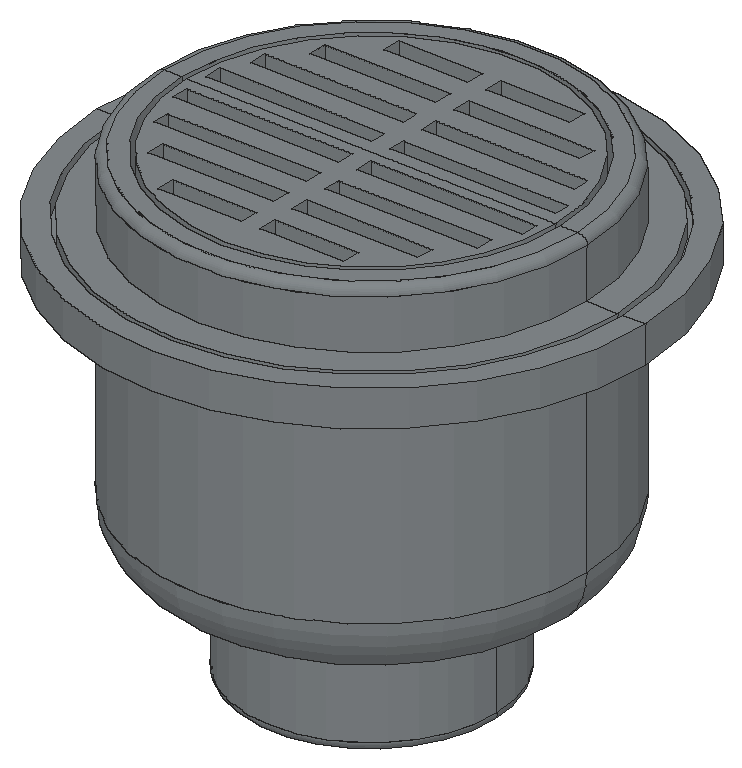
Revit family "2242", category Plumbing Fixtures, Revit 2021
Family settings
  Round Connector Dimension = Use Diameter
  Part Type = Normal
  OmniClass Number = 23.70.50.21.24
  OmniClass Title = Waste Water Drains
  Work Plane-Based = Yes
  Always vertical = No
  Cut with Voids When Loaded = No
  Shared = Yes
  Room Calculation Point = No
Parameters (values of type "2242T06")
  Waste Connection = yes
  Warranty Documentation Link = "https://www.jrsmith.com/uploads/docs/PG1A-Terms-and-Conditions.pdf"
  Vent Connection = no
  URL = "http://www.jrsmith.com"
  U - Vandal Proof Grate = no
  Type Comments = ""
  Trap Primer Connection -P050   1/2" (13) & -P075 3/4" (19) = no
  S - Square Top = no
  Quad Close Trap Seal = no
  Product Page URL = "https://www.jrsmith.com/product.aspx?ProductId=175"
  Product Documentation Link = "https://www.jrsmith.com/uploads/fileLibrary/d2240.pdf"
  PB - Polished Bronze Top = no
  Overall Height = 13"
  Outlet Radius = Outlet Diameter / 2  # 3"
  Outlet Diameter = 6"
  NB - Nickel Bronze Top = no
  Model = "2240"  # constant formula
  Manufacturer = "Jay R. Smith"  # constant formula
  LXH - Speedi-Set Extra Heavy - 02"(50), 03"(75) & 04"(100) sizes only = no
  L - Speedi-Set Service Weight - 02"(50), 03"(75) & 04"(100) sizes only = no
  Installation Type = "Floor Mounted"  # constant formula
  HW Connection = no
  G - Galvanized Cast Iron = no
  Drain Material = Metal-JayR.Smith-Cast_Iron-Duco_Coated
  Diameter = 15 1/4"
  Description = "Deep Body Medium Duty Floor Drains with 12in. Round Tops and Sediment Bucket"  # constant formula
  Default Elevation = 0"
  Creation Date = "03/16/2021"  # constant formula
  Connection Type = "Threaded Outlet Connection"
  CW Connection = no
  Assembly Code = "D2030300"
Types (16): name | Outlet Radius | Outlet Diameter | Connection Type
  (no name) | 3" | 6" | "Threaded Outlet Connection"
  2242C02 | 1" | 2" | "Caulk Outlet Connection"
  2242C03 | 1 1/2" | 3" | "Caulk Outlet Connection"
  2242C04 | 2" | 4" | "Caulk Outlet Connection"
  2242C05 | 2 1/2" | 5" | "Caulk Outlet Connection"
  2242C06 | 3" | 6" | "Caulk Outlet Connection"
  2242T02 | 1" | 2" | "Threaded Outlet Connection"
  2242T03 | 1 1/2" | 3" | "Threaded Outlet Connection"
  2242T04 | 2" | 4" | "Threaded Outlet Connection"
  2242T05 | 2 1/2" | 5" | "Threaded Outlet Connection"
  2242T06 | 3" | 6" | "Threaded Outlet Connection"
  2242Y02 | 1" | 2" | "No-HUB Outlet Connection"
  2242Y03 | 1 1/2" | 3" | "No-HUB Outlet Connection"
  2242Y04 | 2" | 4" | "No-HUB Outlet Connection"
  2242Y05 | 2 1/2" | 5" | "No-HUB Outlet Connection"
  2242Y06 | 3" | 6" | "No-HUB Outlet Connection"
Reference planes (in)
  plane 1 "Center (Front/Back)": y = 0
  plane 2: z = 0
  plane 3 "Center (Left/Right)": x = 0
  plane 4: x = 6
  plane 5: x = -6
  plane 6: x = -7.625
  plane 7: x = 7.625
  plane 8: z = -13
  plane 9: z = 0
  plane 10: z = -10.5
  plane 11: z = -2
Forms (in)
  Revolve 1, solid, material "Metal-JayR.Smith-Cast_Iron-Duco_Coated" <- "Drain Material"
    sketch origin (0, 0, -2) x (1, 0, 0) y (0, 0, 1)
      loop
        line (0, -8.5) -> (0, 2) -> (-5.75, 2)
        arc (-5.75, 2) -> (-5.92678, 1.92678) -> (-6, 1.75) r 0.25
        line (-6, 1.75) -> (-6, 0.3757) -> (-7.625, 0.3757) -> (-7.625, -0.6243) -> (-6, -0.92772) -> (-6, -6.38732)
        arc (-6, -6.38732) -> (-5.48744, -7.62476) -> (-4.25, -8.13732) r 1.75
        line (-4.25, -8.13732) -> (-3.92518, -8.13732)
        arc (-3.92518, -8.13732) -> (-3.81895, -8.39377) -> (-3.5625, -8.5) r 0.36268
        line (-3.5625, -8.5) -> (0, -8.5)
      axis (0, 2) -> (0, -8.5)
    angle from 0 to 360
  Extrusion 2, void
    sketch origin (0, 0, -2) x (1, 0, 0) y (0, 1, 0)
      loop
        line (3.75, -2.55894) -> (0.25, -2.55894) -> (0.25, -3.05894) -> (3.75, -3.05894) -> (3.75, -2.55894)
      loop
        line (4.5, -1.44171) -> (0.25, -1.44171) -> (0.25, -1.94171) -> (4.5, -1.94171) -> (4.5, -1.44171)
      loop
        line (4.86375, -0.32448) -> (0.25, -0.32448) -> (0.25, -0.82448) -> (4.86375, -0.82448) -> (4.86375, -0.32448)
      loop
        circle (0, 0) r 5.125
      loop
        line (3.75, 2.55894) -> (3.75, 3.05894) -> (0.25, 3.05894) -> (0.25, 2.55894) -> (3.75, 2.55894)
      loop
        line (4.5, 1.44171) -> (4.5, 1.94171) -> (0.25, 1.94171) -> (0.25, 1.44171) -> (4.5, 1.44171)
      loop
        line (4.86375, 0.32448) -> (4.86375, 0.82448) -> (0.25, 0.82448) -> (0.25, 0.32448) -> (4.86375, 0.32448)
      loop
        line (2.58469, 3.67617) -> (2.58469, 4.17617) -> (0.25, 4.17617) -> (0.25, 3.67617) -> (2.58469, 3.67617)
      loop
        line (2.58469, -3.67617) -> (0.25, -3.67617) -> (0.25, -4.17617) -> (2.58469, -4.17617) -> (2.58469, -3.67617)
      loop
        line (-3.75, -2.55894) -> (-3.75, -3.05894) -> (-0.25, -3.05894) -> (-0.25, -2.55894) -> (-3.75, -2.55894)
      loop
        line (-4.5, -1.44171) -> (-4.5, -1.94171) -> (-0.25, -1.94171) -> (-0.25, -1.44171) -> (-4.5, -1.44171)
      loop
        line (-4.86375, -0.32448) -> (-4.86375, -0.82448) -> (-0.25, -0.82448) -> (-0.25, -0.32448) -> (-4.86375, -0.32448)
      loop
        line (-3.75, 2.55894) -> (-0.25, 2.55894) -> (-0.25, 3.05894) -> (-3.75, 3.05894) -> (-3.75, 2.55894)
      loop
        line (-4.5, 1.44171) -> (-0.25, 1.44171) -> (-0.25, 1.94171) -> (-4.5, 1.94171) -> (-4.5, 1.44171)
      loop
        line (-4.86375, 0.32448) -> (-0.25, 0.32448) -> (-0.25, 0.82448) -> (-4.86375, 0.82448) -> (-4.86375, 0.32448)
      loop
        line (-2.58469, 3.67617) -> (-0.25, 3.67617) -> (-0.25, 4.17617) -> (-2.58469, 4.17617) -> (-2.58469, 3.67617)
      loop
        line (-2.58469, -3.67617) -> (-2.58469, -4.17617) -> (-0.25, -4.17617) -> (-0.25, -3.67617) -> (-2.58469, -3.67617)
      loop
        circle (0, 0) r 5.26921
      loop
        circle (0, 0) r 7
      loop
        circle (0, 0) r 6.86276
    from 0 to 2
  Revolve 3, solid, material "Metal-JayR.Smith-Cast_Iron-Duco_Coated" <- "Drain Material"
    sketch origin (0, 0, -2) x (1, 0, 0) y (0, 0, 1)
      loop
        line (3.5, -10.75) -> (3.5, 0) -> (3, 0) -> (3, -11) -> (3.25, -11)
        arc (3.25, -11) -> (3.42678, -10.92678) -> (3.5, -10.75) r 0.25
      axis (0, 0) -> (0, -11)
    angle from 0 to 360
Cuts and joins
  Extrusion 2 cuts Revolve 1
  Extrusion 2 cuts Revolve 3
Lines and regions (in)
  Masking region 1
    outline origin (0, 0, 0) x (1, 0, 0) y (0, 1, 0)
      loop
        circle (0, 0) r 7.625
  symbolic lines, detail levels medium+fine
    curve 1: line (-2.58469, 4.17617, 0) -> (-0.25, 4.17617, 0)
    curve 2: line (-0.25, 4.17617, 0) -> (-0.25, 3.67617, 0)
    curve 3: line (-0.25, 3.67617, 0) -> (-2.58469, 3.67617, 0)
    curve 4: line (-2.58469, 3.67617, 0) -> (-2.58469, 4.17617, 0)
    curve 5: line (-3.75, 3.05894, 0) -> (-0.25, 3.05894, 0)
    curve 6: line (-0.25, 3.05894, 0) -> (-0.25, 2.55894, 0)
    curve 7: line (-0.25, 2.55894, 0) -> (-3.75, 2.55894, 0)
    curve 8: line (-3.75, 2.55894, 0) -> (-3.75, 3.05894, 0)
    curve 9: line (-4.5, 1.94171, 0) -> (-0.25, 1.94171, 0)
    curve 10: line (-0.25, 1.94171, 0) -> (-0.25, 1.44171, 0)
    curve 11: line (-0.25, 1.44171, 0) -> (-4.5, 1.44171, 0)
    curve 12: line (-4.5, 1.44171, 0) -> (-4.5, 1.94171, 0)
    curve 13: line (-4.86375, 0.82448, 0) -> (-0.25, 0.82448, 0)
    curve 14: line (-0.25, 0.82448, 0) -> (-0.25, 0.32448, 0)
    curve 15: line (-0.25, 0.32448, 0) -> (-4.86375, 0.32448, 0)
    curve 16: line (-4.86375, 0.32448, 0) -> (-4.86375, 0.82448, 0)
    curve 17: line (-4.86375, -0.32448, 0) -> (-0.25, -0.32448, 0)
    curve 18: line (-0.25, -0.32448, 0) -> (-0.25, -0.82448, 0)
    curve 19: line (-0.25, -0.82448, 0) -> (-4.86375, -0.82448, 0)
    curve 20: line (-4.86375, -0.82448, 0) -> (-4.86375, -0.32448, 0)
    curve 21: line (-4.5, -1.44171, 0) -> (-0.25, -1.44171, 0)
    curve 22: line (-0.25, -1.44171, 0) -> (-0.25, -1.94171, 0)
    curve 23: line (-0.25, -1.94171, 0) -> (-4.5, -1.94171, 0)
    curve 24: line (-4.5, -1.94171, 0) -> (-4.5, -1.44171, 0)
    curve 25: line (-3.75, -2.55894, 0) -> (-0.25, -2.55894, 0)
    curve 26: line (-0.25, -2.55894, 0) -> (-0.25, -3.05894, 0)
    curve 27: line (-0.25, -3.05894, 0) -> (-3.75, -3.05894, 0)
    curve 28: line (-3.75, -3.05894, 0) -> (-3.75, -2.55894, 0)
    curve 29: line (-2.58469, -3.67617, 0) -> (-0.25, -3.67617, 0)
    curve 30: line (-0.25, -3.67617, 0) -> (-0.25, -4.17617, 0)
    curve 31: line (-0.25, -4.17617, 0) -> (-2.58469, -4.17617, 0)
    curve 32: line (-2.58469, -4.17617, 0) -> (-2.58469, -3.67617, 0)
    curve 33: line (2.58469, -4.17617, 0) -> (0.25, -4.17617, 0)
    curve 34: line (0.25, -4.17617, 0) -> (0.25, -3.67617, 0)
    curve 35: line (0.25, -3.67617, 0) -> (2.58469, -3.67617, 0)
    curve 36: line (2.58469, -3.67617, 0) -> (2.58469, -4.17617, 0)
    curve 37: line (3.75, -3.05894, 0) -> (0.25, -3.05894, 0)
    curve 38: line (0.25, -3.05894, 0) -> (0.25, -2.55894, 0)
    curve 39: line (0.25, -2.55894, 0) -> (3.75, -2.55894, 0)
    curve 40: line (3.75, -2.55894, 0) -> (3.75, -3.05894, 0)
    curve 41: line (0.25, -1.44171, 0) -> (4.5, -1.44171, 0)
    curve 42: line (4.5, -1.44171, 0) -> (4.5, -1.94171, 0)
    curve 43: line (4.5, -1.94171, 0) -> (0.25, -1.94171, 0)
    curve 44: line (0.25, -1.94171, 0) -> (0.25, -1.44171, 0)
    curve 45: line (4.86375, -0.82448, 0) -> (0.25, -0.82448, 0)
    curve 46: line (0.25, -0.82448, 0) -> (0.25, -0.32448, 0)
    curve 47: line (0.25, -0.32448, 0) -> (4.86375, -0.32448, 0)
    curve 48: line (4.86375, -0.32448, 0) -> (4.86375, -0.82448, 0)
    curve 49: line (0.25, 0.82448, 0) -> (4.86375, 0.82448, 0)
    curve 50: line (4.86375, 0.82448, 0) -> (4.86375, 0.32448, 0)
    curve 51: line (4.86375, 0.32448, 0) -> (0.25, 0.32448, 0)
    curve 52: line (0.25, 0.32448, 0) -> (0.25, 0.82448, 0)
    curve 53: line (0.25, 1.94171, 0) -> (4.5, 1.94171, 0)
    curve 54: line (4.5, 1.94171, 0) -> (4.5, 1.44171, 0)
    curve 55: line (4.5, 1.44171, 0) -> (0.25, 1.44171, 0)
    curve 56: line (0.25, 1.44171, 0) -> (0.25, 1.94171, 0)
    curve 57: line (3.75, 2.55894, 0) -> (0.25, 2.55894, 0)
    curve 58: line (0.25, 2.55894, 0) -> (0.25, 3.05894, 0)
    curve 59: line (0.25, 3.05894, 0) -> (3.75, 3.05894, 0)
    curve 60: line (3.75, 3.05894, 0) -> (3.75, 2.55894, 0)
    curve 61: line (0.25, 4.17617, 0) -> (2.58469, 4.17617, 0)
    curve 62: line (2.58469, 4.17617, 0) -> (2.58469, 3.67617, 0)
    curve 63: line (2.58469, 3.67617, 0) -> (0.25, 3.67617, 0)
    curve 64: line (0.25, 3.67617, 0) -> (0.25, 4.17617, 0)
    curve 65: circle (0, 0, 0) r 6 normal (0, 0, -1)
Dimensions and locks (in)
  equal spacing: plane 4, plane 3 "Center (Left/Right)", plane 5
  equal spacing: plane 6, plane 3 "Center (Left/Right)", plane 7
  plane 4 to plane 5 = 12"
  "Diameter": plane 6 to plane 7
  "Outlet Radius": Revolve 3 sketch curve to plane 3 "Center (Left/Right)"
  locked: Revolve 3 sketch curve to Revolve 3 sketch curve at 0.5
  plane 9 to plane 11 = 2"
  plane 11 to plane 8 = 11"
  locked: plane 11 to plane 10 at 8.5
  aligned and locked: Revolve 1 sketch curve to plane 3 "Center (Left/Right)"  (x2)
  aligned and locked: Revolve 3 sketch curve to plane 3 "Center (Left/Right)"
  aligned and locked: Revolve 1 sketch curve to plane 9
  aligned and locked: plane 9 to Extrusion 2
  aligned and locked: plane 10 to Revolve 1 sketch curve
  aligned and locked: plane 5 to Revolve 1 sketch curve
  aligned and locked: curve 65 to cut or joined group of Revolve 1, Extrusion 2
Automatic sketch dimensions
  plane 1 "Center (Front/Back)" to Masking region 1 sketch curve = 0"
  Masking region 1 sketch curve to plane 3 "Center (Left/Right)" = 0"
  plane 6 to Revolve 1 sketch curve = 0"
  Revolve 1 sketch curve to plane 5 = 0"
  Revolve 1 sketch curve to level = 1/4"
  Revolve 1 sketch curve to Revolve 1 sketch curve = 1 3/4"
  Revolve 1 sketch curve to Revolve 1 sketch curve = 0.32482"
  Revolve 1 sketch curve to Revolve 1 sketch curve = 0.36268"
  Revolve 1 sketch curve to Revolve 1 sketch curve = 2.67772"
  Revolve 1 sketch curve to Revolve 1 sketch curve = 0.30343"
  Revolve 1 sketch curve to Revolve 1 sketch curve = 1"
  Revolve 1 sketch curve to plane 8 = 11"
  plane 2 to Revolve 1 sketch curve = 12 3/4"
  Extrusion 2 sketch curve to Extrusion 2 sketch curve = 0"  (x21)
  plane 1 "Center (Front/Back)" to Extrusion 2 sketch curve = 0"
  Extrusion 2 sketch curve to plane 3 "Center (Left/Right)" = 0"
  Extrusion 2 sketch curve to plane 3 "Center (Left/Right)" = 1/4"  (x8)
  Extrusion 2 sketch curve to Extrusion 2 sketch curve = 2.33469"  (x4)
  Extrusion 2 sketch curve to Extrusion 2 sketch curve = 1.16531"  (x4)
  Extrusion 2 sketch curve to Extrusion 2 sketch curve = 3/4"  (x4)
  Extrusion 2 sketch curve to Extrusion 2 sketch curve = 0.36375"  (x2)
  Extrusion 2 sketch curve to plane 1 "Center (Front/Back)" = 0.32448"  (x2)
  plane 3 "Center (Left/Right)" to Extrusion 2 sketch curve = 1/4"  (x8)
  plane 4 to Extrusion 2 sketch curve = 1.13625"
  plane 1 "Center (Front/Back)" to Extrusion 2 sketch curve = 0.32448"  (x2)
  Extrusion 2 sketch curve to Extrusion 2 sketch curve = 1/2"  (x10)
  Extrusion 2 sketch curve to Extrusion 2 sketch curve = 0.61723"  (x10)
  curve 15 to plane 3 "Center (Left/Right)" = 1/4"
  curve 1 to plane 3 "Center (Left/Right)" = 1/4"
  curve 31 to plane 3 "Center (Left/Right)" = 1/4"
  curve 5 to plane 3 "Center (Left/Right)" = 1/4"
  curve 27 to plane 3 "Center (Left/Right)" = 1/4"
  curve 9 to plane 3 "Center (Left/Right)" = 1/4"
  curve 23 to plane 3 "Center (Left/Right)" = 1/4"
  curve 19 to plane 3 "Center (Left/Right)" = 1/4"
  curve 32 to curve 29 = 2.33469"
  curve 4 to curve 2 = 2.33469"
  curve 8 to curve 3 = 1.16531"
  curve 28 to curve 29 = 1.16531"
  curve 12 to curve 7 = 3/4"
  curve 24 to curve 25 = 3/4"
  curve 16 to plane 1 "Center (Front/Back)" = 0.32448"
  plane 5 to curve 16 = 1.13625"
  curve 20 to curve 15 = 0"
  plane 3 "Center (Left/Right)" to curve 33 = 1/4"
  plane 3 "Center (Left/Right)" to curve 52 = 1/4"
  plane 3 "Center (Left/Right)" to curve 64 = 1/4"
  plane 3 "Center (Left/Right)" to curve 37 = 1/4"
  plane 3 "Center (Left/Right)" to curve 55 = 1/4"
  plane 3 "Center (Left/Right)" to curve 41 = 1/4"
  plane 3 "Center (Left/Right)" to curve 59 = 1/4"
  plane 3 "Center (Left/Right)" to curve 45 = 1/4"
  curve 33 to curve 33 = 2.33469"
  curve 61 to curve 62 = 2.33469"
  curve 62 to curve 59 = 1.16531"
  curve 35 to curve 40 = 1.16531"
  curve 39 to curve 41 = 3/4"
  curve 57 to curve 53 = 3/4"
  plane 1 "Center (Front/Back)" to curve 47 = 0.32448"
  plane 4 to curve 47 = 1.13625"
  curve 54 to curve 50 = 0.36375"
  plane 1 "Center (Front/Back)" to curve 18 = 0.32448"
  curve 48 to curve 47 = 1/2"
  curve 18 to curve 45 = 0"
  curve 24 to curve 19 = 0.61723"
  curve 21 to curve 41 = 0"
  curve 24 to curve 21 = 1/2"
  curve 42 to curve 41 = 1/2"
  curve 28 to curve 23 = 0.61723"
  curve 25 to curve 38 = 0"
  curve 28 to curve 25 = 1/2"
  curve 26 to curve 38 = 0"
  curve 29 to curve 27 = 0.61723"
  curve 36 to curve 37 = 0.61723"
  curve 36 to curve 35 = 1/2"
  curve 30 to curve 33 = 0"
  curve 50 to plane 1 "Center (Front/Back)" = 0.32448"
  curve 15 to curve 13 = 1/2"
  curve 13 to curve 52 = 0"
  curve 13 to curve 10 = 0.61723"
  curve 10 to curve 56 = 0"
  curve 55 to curve 53 = 1/2"
  curve 11 to curve 12 = 1/2"
  curve 53 to curve 57 = 0.61723"
  curve 9 to curve 8 = 0.61723"
  curve 6 to curve 5 = 1/2"
  curve 57 to curve 60 = 1/2"
  curve 58 to curve 64 = 0.61723"
  curve 2 to curve 63 = 0"
  curve 62 to curve 62 = 1/2"
  curve 2 to curve 61 = 0"
  Revolve 3 sketch curve to plane 8 = 0"
  Revolve 3 sketch curve to plane 11 = 0"
  Revolve 3 sketch curve to Revolve 3 sketch curve = 1/4"
  Revolve 3 sketch curve to plane 8 = 1 1/4"
  Revolve 3 sketch curve to level = 1"
  radius of Masking region 1 sketch curve = 7 5/8"
  radius of Extrusion 2 sketch curve = 5 1/8"
  radius of Extrusion 2 sketch curve = 5.26921"
  radius of Extrusion 2 sketch curve = 7"
  radius of Extrusion 2 sketch curve = 6.86276"
Connectors (in)
  piping at (0, 0, -13), diameter 6, driven by "Outlet Diameter", driven by "Connection Type"
    settings: on Revolve 3, index 2, connector inside diameter 24", connector length 0", flow factor 0, pipe flow 0 GPM, pressure drop 0.00 psi, fitting loss kfactor 0, connector angle 0.00°, fixture units 0, engagement length 0", angle of deflection 0.00°, flow configuration 0, flow direction 2, fitting loss method 0, system type 16, joint type 0, gender type 0, connector reference index -1, connector utility 0, adjustable connector no, is connector primary yes, connector description "Threaded Outlet Connection"
